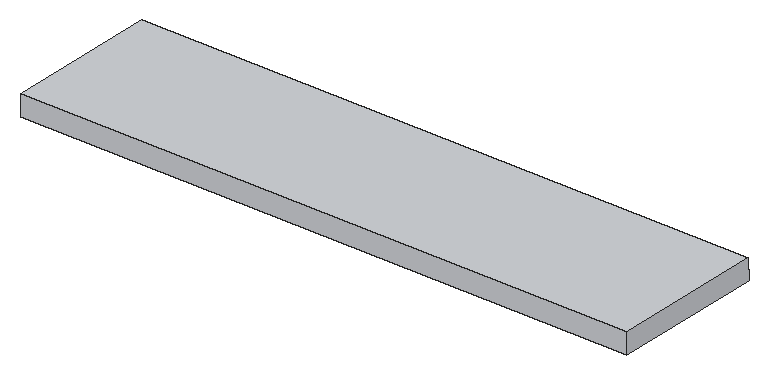
Revit family "1740_ TUPEX ELECTRIC_ID", category Lighting Fixtures, host Face, Revit 2016
Family settings
  Host = Face
  Part Type = Normal
  Round Connector Dimension = Use Diameter
  Cut with Voids When Loaded = No
  Light Source = Yes
  Shared = No
  Room Calculation Point = Yes
Parameters
  width = 1200 mm
  volt = 220 V
  length = 150 mm
  depth = 20 mm
  Wattage = 33 W
  built-in parameter 1150110 = 1 (stored number, unit not read)
  built-in parameter 1114217 = 1 (stored number, unit not read)
  Tilt Angle = 60.00°
  built-in parameter 1150109 = 1 (stored number, unit not read)
  built-in parameter 1150134 = 3
  built-in parameter 1150113 = 1 (stored number, unit not read)
  Photometric Web File = "1740.IES"
  built-in parameter 1150105 = 317.75 (stored number, unit not read)
  Lumens = 3993 lm
  built-in parameter 1150115 = 1 (stored number, unit not read)
  built-in parameter 1150137 = (empty or 0)
  built-in parameter 1150139 = (empty or 0)
  built-in parameter 1150112 = 1 (stored number, unit not read)
  built-in parameter 1150114 = 1 (stored number, unit not read)
  built-in parameter 1150132 = (empty or 0)
  built-in parameter 1150102 = (empty or 0)
  built-in parameter 1150107 = 3200 (stored number, unit not read)
  built-in parameter 1150138 = (empty or 0)
  built-in parameter 1150106 = 3.1775 (stored number, unit not read)
  built-in parameter 1150104 = 11.241 (stored number, unit not read)
  Dimming Lamp Color Temperature Shift = (empty or 0)
  Default Elevation = 1219.2 mm
  Color Filter = 16777215
  built-in parameter 1114218 = 1 (stored number, unit not read)
  built-in parameter 1150133 = 10 (stored number, unit not read)
Reference planes
  plane 1 "Center (Front/Back)": y = 0
  plane 2: z = 0
  plane 3 "Center (Left/Right)": x = 0
  plane 4: x = 1200
  plane 5: y = -150
  plane 6: z = 20
  plane 7: z = -20
  plane 8: y = -300
  plane 9: x = 300
  plane 10: x = 600
Forms (mm)
  Extrusion 1, solid
    sketch origin (0, 0, 0) x (1, 0, 0) y (0, 0, 1)
      loop
        line (1200, 20) -> (0, 20) -> (0, -20) -> (1200, -20) -> (1200, 20)
    from 0 to 300
Dimensions and locks
  "width": plane 3 "Center (Left/Right)" to plane 4
  "length": plane 5 to plane 1 "Center (Front/Back)"
  "depth": level to plane 6
  plane 7 to level = 20 mm
  Extrusion 1 to Extrusion 1 = 300 mm
  aligned and locked: host face to plane 2
  aligned and locked: host face to level
Automatic sketch dimensions
  host sketch curve to host sketch curve = 4076.048 mm
  host sketch curve to host sketch curve = 2438.4 mm
  Extrusion 1 sketch curve to plane 6 = 0 mm
  Extrusion 1 sketch curve to plane 7 = 0 mm
  Extrusion 1 sketch curve to plane 3 "Center (Left/Right)" = 0 mm
  Extrusion 1 sketch curve to plane 4 = 0 mm
Connectors
  electrical at (600, 0, 0)
    settings: on Extrusion 1, index 1, voltage 0 V, apparent load 0 VA, apparent load phase1 0 VA, apparent load phase2 0 VA, apparent load phase3 0 VA, power factor 1, load classification "Other", number of poles 1, system type 31, power factor state 1, is connector primary yes, connector utility no, sub classification motor no, connector description ""
  electrical at (600, -150, 20), driven by "volt"
    settings: on Extrusion 1, index 2, voltage 220 V, apparent load 0 VA, apparent load phase1 36 VA, apparent load phase2 0 VA, apparent load phase3 0 VA, power factor 1, load classification "Other", number of poles 1, system type 31, power factor state 1, is connector primary no, connector utility no, sub classification motor no, connector description ""
